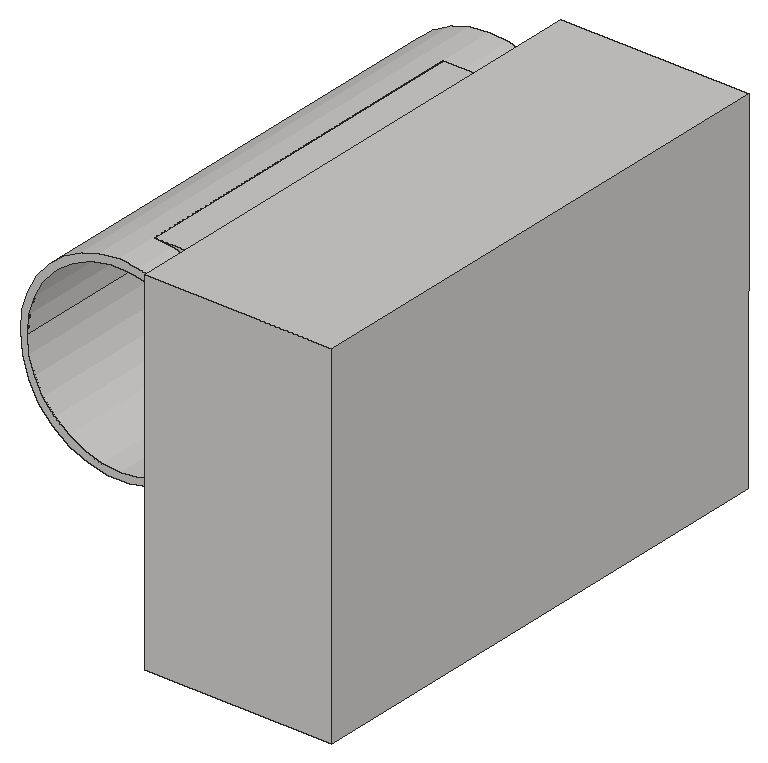
Revit family
Parameters
  Unit Weight = "20.0 lbs"
  URL = "http://www.titus-hvac.com/"
  Static Pressure [instance] = 0.00 in-wg
  Nominal Width = 1' - 2"
  Nominal Length = 1' - 8"
  Nominal Inlet Size = 0' - 7"
  Nominal Inlet Length = 1' - 4"
  Nominal Height = 1' - 0 1/4"
  Model = "DECV"
  Min. Air Flow = 0 CFM
  Max. Air Flow = 650 CFM
  Material = Steel
  Manufacturer = "Titus"
  Inlet Radius = 0' - 3 7/16"
  Inlet Opening Radius = 0' - 3 3/16"
  Inlet Offset = 0' - 2"
  Inlet Extrusion Radius = 0' - 3 7/16"
  Inlet Diameter = 0' - 6 7/8"
  Inlet = Duct D / 2  # 0' - 3 7/16"
  Duct D = 0' - 6 7/8"
  Design Air Flow [instance] = 0 CFM
  Description = "Digital Control Terminal Unit, Retrofit, Variable Volume"
  Control Box Offset = 0' - 4 1/16"
  CADworks URL = "www.CADworks.net"
  Assembly Code = "D3040100"
Reference planes (in)
  plane 1 "Center (Front/Back)": y = 0
  plane 2: z = 0
  plane 3 "Center (Left/Right)": x = 0
  plane 4: y = 6
  plane 5: y = 8
  plane 6: y = -8
  plane 7: x = 4.0625
  plane 8: y = -12
  plane 9: z = 6.125
  plane 10: z = -6.125
  plane 11: x = 10.5625
  plane 12: x = -3.4375
Forms (in)
  Extrusion 1, solid, material "Steel" <- "Material"
    sketch origin (0, -8.5, 0) x (1, 0, 0) y (0, 0, 1)
      loop
        circle (0, 0) r 3.4375
    from -16.5 to -0.5
  Extrusion 2, solid, material "Steel" <- "Material"
    sketch origin (4.29125, 6, 3.56775) x (1, 0, 0) y (0, 0, 1)
      loop
        line (-0.22875, 2.55725) -> (-0.22875, -9.69275) -> (6.27125, -9.69275) -> (6.27125, 2.55725) -> (-0.22875, 2.55725)
    from 0 to 18
  Extrusion 3, solid, material "Steel" <- "Material"
    sketch origin (0, 10, 0) x (-1, 0, 0) y (0, 0, -1)
      loop
        line (-4.0625, 3.4375) -> (-4.0625, -3.4375) -> (0, -3.4375)
        arc (0, -3.4375) -> (-3.4375, 0) -> (0, 3.4375) r 3.4375
        line (0, 3.4375) -> (-4.0625, 3.4375)
    from 4 to 16.5
  Extrusion 4, void
    sketch origin (0, -8, 0) x (1, 0, 0) y (0, 0, -1)
      loop
        circle (0, 0) r 3.1875
    from 0 to 24
Cuts and joins
  Extrusion 4 cuts Extrusion 1
  Extrusion 4 cuts Extrusion 3
Dimensions and locks (in)
  "Inlet Offset": plane 5 to plane 4
  locked: cut or joined group of Extrusion 1, Extrusion 4 to plane 5 at 0
  "Nominal Inlet Length": cut or joined group of Extrusion 1, Extrusion 4 to cut or joined group of Extrusion 1, Extrusion 4
  equal spacing: cut or joined group of Extrusion 1, Extrusion 4, plane 1 "Center (Front/Back)", cut or joined group of Extrusion 1, Extrusion 4
  "Nominal Inlet Length": plane 6 to plane 5
  equal spacing: plane 6, plane 1 "Center (Front/Back)", plane 5
  locked: Extrusion 2 to Extrusion 2 at 18
  locked: Extrusion 2 sketch curve to Extrusion 2 sketch curve at 6.5
  locked: Extrusion 2 sketch curve to Extrusion 2 sketch curve at 12.25
  Extrusion 2 sketch curve to Extrusion 2 sketch curve = 1' - 0 1/4"
  "Inlet Diameter": Extrusion 3 sketch curve to Extrusion 3 sketch curve
  locked: Extrusion 1 sketch curve to level at 0
  locked: Extrusion 1 sketch curve to plane 3 "Center (Left/Right)" at 0
  "Control Box Offset": plane 7 to plane 3 "Center (Left/Right)"
  "Control Box Offset": plane 3 "Center (Left/Right)" to plane 7
  locked: plane 6 to cut or joined group of Extrusion 3, Extrusion 4 at 1.5
  locked: cut or joined group of Extrusion 3, Extrusion 4 to plane 4 at 0
  equal spacing: cut or joined group of Extrusion 3, Extrusion 4, level, cut or joined group of Extrusion 3, Extrusion 4
  "Inlet Radius": radius of Extrusion 1 sketch curve
  "Inlet Extrusion Radius": radius of Extrusion 3 sketch curve
  "Inlet Opening Radius": radius of Extrusion 4 sketch curve
  aligned and locked: plane 9 to Extrusion 2
  aligned and locked: plane 10 to Extrusion 2
  aligned and locked: plane 3 "Center (Left/Right)" to Extrusion 3 sketch curve
  aligned and locked: plane 3 "Center (Left/Right)" to connector elem
  aligned and locked: connector elem to plane 3 "Center (Left/Right)"
  aligned and locked: plane 3 "Center (Left/Right)" to cut or joined group of Extrusion 3, Extrusion 4  (x3)
  aligned and locked: Extrusion 2 to plane 7
  aligned and locked: plane 7 to cut or joined group of Extrusion 3, Extrusion 4
  aligned and locked: cut or joined group of Extrusion 3, Extrusion 4 to Extrusion 2
Automatic sketch dimensions
  plane 7 to Extrusion 2 sketch curve = 0' - 0"
  Extrusion 2 sketch curve to level = 0' - 6 1/8"
  Extrusion 3 sketch curve to plane 7 = 0' - 0"
  Extrusion 3 sketch curve to level = 0' - 0"
Connectors (in)
  hvac at (0, -8, 0), driven by "Design Air Flow", driven by "Inlet", driven by "Static Pressure"
    settings: on cut or joined group of Extrusion 1, Extrusion 4, index 1
  hvac at (0, 8, 0), driven by "Static Pressure", driven by "Design Air Flow", driven by "Inlet"
    settings: on cut or joined group of Extrusion 1, Extrusion 4, index 2
